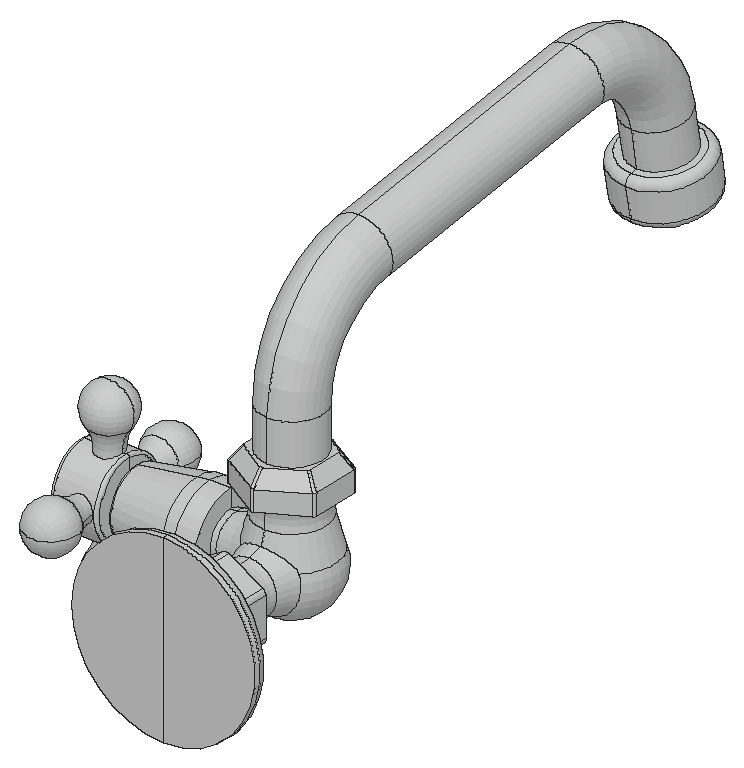
Revit family "795310001_Griferia Marruecos a Pared", category Plumbing Fixtures, host Wall, Revit 2020
Family settings
  Host = Wall
  Round Connector Dimension = Use Diameter
  Part Type = Normal
  OmniClass Number = 23.31.11.00
  OmniClass Title = Faucets
  Always vertical = Yes
  Cut with Voids When Loaded = No
  Shared = No
  Room Calculation Point = No
Parameters (values of type "Type 1")
  Uso = "Doméstico"  # constant formula
  Temperaturas mínima de trabajo = "5 ºC / 41 ºF."  # constant formula
  Temperaturas máxima de trabajo = "71 ºC / 159,8 ºF."  # constant formula
  Referencia = "795310001"  # constant formula
  Recubrimientos = "Resistente a la corrosión, pelado y decoloración por agua. Recubrimientos no tóxicos"  # constant formula
  Profundidad = 218 mm
  Presión mínima recomendada = "20 psi."  # constant formula
  Presión máxima recomendada = "125 psi."  # constant formula
  Peso Neto aprox = "520gr. / 1,15Lb."  # constant formula
  Peso Bruto aprox = "580gr. / 1,28Lb."  # constant formula
  Model = "Griferia Marruecos a Pared"  # constant formula
  Material = Corona_Plastico_Cromado
  Manufacturer = "Corona - Grival"  # constant formula
  Garantía = "30 Años"  # constant formula
  Fecha de creación = "5/11/2021"  # constant formula
  Description = "El lavaplatos sencillo de pared Marruecos ha sido diseñada para trabajar en perfecta armonía\r\ncon el espacio; inspirada en las necesidades del consumidor latinoamericano\r\ndando como resultado un producto robusto y funcional. Permite regular la temperatura\r\ndel agua con una sola manija. Incorpora un sistema de aireador que genera un chorro de\r\nagua espumoso, agradable al tacto."  # constant formula
  Default Elevation = 0 mm
  Cuidado Y Limpieza = "Los acabados superﬁciales son aquellos que le imprimen una apariencia\r\nespecial y estética a su producto y además le brindan protección. Para\r\nprolongar sus cualidades es vital que la limpieza profunda del producto se\r\nhaga únicamente con agua y jabón suave y que en el secado y el brillo se\r\nutilice un paño de algodón limpio; dicha limpieza se recomienda 2 veces a\r\nla semana y en zonas costeras a diario por la salinidad del ambiente. Por\r\nningún motivo deben usarse elementos abrasivos, ácidos o disolventes\r\npara la limpieza del producto. Los acabados pueden variar su\r\ncomportamiento en zonas costeras y/o en ambientes corrosivos"  # constant formula
  Creado por = "BIMBAU"  # constant formula
  Ciclo de vida de la unidad de cierre = "500.000 ciclos."  # constant formula
  Capacidad de flujo máximo por norma = "80 Psi: 8,3 L/min."  # constant formula
  Ancho = 87 mm
  Alto = 134 mm
Reference planes
  plane 1: y = 0
  plane 2 "Center (Left/Right)": x = 125
  plane 3 "Back": y = 50
  plane 4: x = 168.5
  plane 5: x = 81.5
  plane 6: y = 268
  plane 7: z = 134
Forms (mm)
  Extrusion 1, solid, material "Corona_Plastico_Cromado" <- "Material", detail levels coarse
    sketch origin (0, 0, 0) x (1, 0, 0) y (0, 1, 0)
      loop
        line (81.469, 268) -> (81.469, 50) -> (168.5, 50) -> (168.5, 268) -> (81.469, 268)
    from 0 to 134
Text (mm)
  text "Placement side" at (-1787.139, 592.35, 0), in view "Ref. Level"
  text "Placement side" at (0, 1827.695, 2917.686), in view "Left"
  text "Placement side" at (0, 562.268, 3853.606), in view "Right"
Dimensions and locks
  locked: plane 3 "Back" to host wall
  "Alto": level to plane 7
  equal spacing: plane 5, plane 2 "Center (Left/Right)", plane 4
  "Ancho": plane 5 to plane 4
  "Profundidad": plane 6 to plane 3 "Back"
  aligned and locked: plane 1 to host wall
  aligned and locked: plane 3 "Back" to nested 1
  aligned and locked: nested 1 to plane 2 "Center (Left/Right)"
  aligned and locked: plane 7 to nested 1
  aligned and locked: plane 2 "Center (Left/Right)" to nested 2
  aligned and locked: plane 3 "Back" to nested 2
  aligned and locked: nested 3 to plane 3 "Back"
  aligned and locked: level to nested 3
  aligned and locked: Extrusion 1 sketch curve to nested 1
  aligned and locked: Extrusion 1 sketch curve to plane 3 "Back"
  aligned and locked: plane 4 to Extrusion 1 sketch curve
  aligned and locked: plane 7 to Extrusion 1
Automatic sketch dimensions
  plane 5 to Extrusion 1 sketch curve = 0.031 mm
Nested families
  nested 1: "Griferia Marruecos a Pared" at (125, 159, 0) x (-1, 0, 0) z (0, 0, 1), type "Griferia Marruecos a Pared", detail levels medium+fine
  nested 2: "Planta" at (125, 50, 0), type "Planta"
  nested 3: "Lateral" at (125, 50, 0) x (0, -1, 0) z (1, 0, 0), type "Lateral"
  nested 4: "Frontal" at (125, 50, 0) x (-1, 0, 0) z (0, -1, 0), type "Frontal"
Connectors
  piping at (154.2, 50, 31.25), diameter 25.4
    settings: on nested 1, index 1, connector inside diameter 609.6 mm, connector length 0 mm, flow factor 0, pipe flow 0.0 L/s, pressure drop 0.0 Pa, fitting loss kfactor 0, connector angle 0.00°, fixture units 0, engagement length 0 mm, angle of deflection 0.00°, flow configuration 0, flow direction 1, fitting loss method 0, system type 7, joint type 0, gender type 0, connector reference index -1, connector utility 0, adjustable connector no, is connector primary yes, connector description ""
Definition of nested family "Griferia Marruecos a Pared"
  Parameters (values of type "Griferia Marruecos a Pared")
    Profundidad = 218 mm
    Material = none
    Fecha de creación = "5/11/2021"  # constant formula
    Default Elevation = 0 mm
    Creado por = "BIMBAU"  # constant formula
    Ancho = 87 mm
    Alto = 134 mm
  Reference planes
    plane 1 "Center (Front/Back)": y = 0
    plane 2: z = 0
    plane 3 "Center (Left/Right)": x = 0
    plane 4: x = -43.5
    plane 5: x = 43.5
    plane 6: y = -109
    plane 7: y = 109
    plane 8: z = 134
  Forms (mm)
    Revolve 1, solid, material <- "Material"
      sketch origin (-29.228, 0, 0) x (0, 1, 0) y (0, 0, 1)
        loop
          line (56.53, 53.186) -> (44.003, 53.186)
          arc (44.003, 53.186) -> (45.439, 49.553) -> (45.332, 45.647) r 9.737
          arc (45.332, 45.647) -> (43.996, 40.507) -> (42.405, 35.441) r 106.625
          arc (42.405, 35.441) -> (44.499, 22.325) -> (56.53, 16.697) r 14.179
          line (56.53, 16.697) -> (56.53, 53.186)
        axis (56.53, 53.186) -> (56.53, 16.697)
      angle from 0 to 360
    Revolve 2, solid, material <- "Material"
      sketch origin (-29.2, 0, 1.25) x (0, 1, 0) y (0, 0, 1)
        loop
          line (109, 30) -> (109, 60) -> (107.033, 60)
          arc (107.033, 60) -> (104.181, 58.819) -> (103, 55.967) r 4.033
          line (103, 55.967) -> (103, 45) -> (100.685, 45)
          arc (100.685, 45) -> (99.846, 44.653) -> (99.499, 43.814) r 1.186
          line (99.499, 43.814) -> (99.499, 42.523) -> (97.486, 42.523) -> (97.486, 30) -> (109, 30)
        axis (97.486, 30) -> (109, 30)
      angle from 0 to 360
    Extrusion 3, solid, material <- "Material"
      sketch origin (0, 0, 0) x (1, 0, 0) y (0, 0, 1)
        loop
          line (-30.2, 45.673) -> (-41.19, 39.327)
          arc (-41.19, 39.327) -> (-41.922, 38.595) -> (-42.19, 37.595) r 2
          line (-42.19, 37.595) -> (-42.19, 24.905)
          arc (-42.19, 24.905) -> (-41.922, 23.905) -> (-41.19, 23.173) r 2
          line (-41.19, 23.173) -> (-30.2, 16.827)
          arc (-30.2, 16.827) -> (-29.2, 16.559) -> (-28.2, 16.827) r 2
          line (-28.2, 16.827) -> (-17.21, 23.173)
          arc (-17.21, 23.173) -> (-16.478, 23.905) -> (-16.21, 24.905) r 2
          line (-16.21, 24.905) -> (-16.21, 37.595)
          arc (-16.21, 37.595) -> (-16.478, 38.595) -> (-17.21, 39.327) r 2
          line (-17.21, 39.327) -> (-28.2, 45.673)
          arc (-28.2, 45.673) -> (-29.2, 45.941) -> (-30.2, 45.673) r 2
      from -97.486 to -83.486
    Revolve 4, solid, material <- "Material"
      sketch origin (-29.153, 0, 0) x (0, 1, 0) y (0, 0, 1)
        loop
          arc (63.507, 19.006) -> (68.424, 21.134) -> (73.558, 22.665) r 45.165
          arc (73.558, 22.665) -> (78.857, 22.58) -> (83.486, 20) r 10.868
          line (83.486, 20) -> (83.486, 31.25) -> (66.565, 31.25)
          arc (66.565, 31.25) -> (66.268, 24.82) -> (63.507, 19.006) r 16.314
        axis (63.507, 31.25) -> (83.486, 31.25)
      angle from 0 to 360
    Blend 5, solid, material <- "Material"
      base sketch origin (0, 0, 0) x (1, 0, 0) y (0, 1, 0)
        loop
          line (-29.728, 72.81) -> (-43.077, 65.103)
          arc (-43.077, 65.103) -> (-43.443, 64.737) -> (-43.577, 64.237) r 1
          line (-43.577, 64.237) -> (-43.577, 48.823)
          arc (-43.577, 48.823) -> (-43.443, 48.323) -> (-43.077, 47.957) r 1
          line (-43.077, 47.957) -> (-29.728, 40.25)
          arc (-29.728, 40.25) -> (-29.228, 40.116) -> (-28.728, 40.25) r 1
          line (-28.728, 40.25) -> (-15.38, 47.957)
          arc (-15.38, 47.957) -> (-15.014, 48.323) -> (-14.88, 48.823) r 1
          line (-14.88, 48.823) -> (-14.88, 64.237)
          arc (-14.88, 64.237) -> (-15.014, 64.737) -> (-15.38, 65.103) r 1
          line (-15.38, 65.103) -> (-28.728, 72.81)
          arc (-28.728, 72.81) -> (-29.228, 72.944) -> (-29.728, 72.81) r 1
      top sketch origin (0, 0, 0) x (1, 0, 0) y (0, 1, 0)
        loop
          line (-29.728, 68.902) -> (-39.693, 63.149)
          arc (-39.693, 63.149) -> (-40.059, 62.783) -> (-40.193, 62.283) r 1
          line (-40.193, 62.283) -> (-40.193, 50.776)
          arc (-40.193, 50.776) -> (-40.059, 50.276) -> (-39.693, 49.91) r 1
          line (-39.693, 49.91) -> (-29.728, 44.157)
          arc (-29.728, 44.157) -> (-29.228, 44.023) -> (-28.728, 44.157) r 1
          line (-28.728, 44.157) -> (-18.763, 49.91)
          arc (-18.763, 49.91) -> (-18.397, 50.276) -> (-18.263, 50.776) r 1
          line (-18.263, 50.776) -> (-18.263, 62.283)
          arc (-18.263, 62.283) -> (-18.397, 62.783) -> (-18.763, 63.149) r 1
          line (-18.763, 63.149) -> (-28.728, 68.902)
          arc (-28.728, 68.902) -> (-29.228, 69.036) -> (-29.728, 68.902) r 1
      from 59.803 to 64.469
    Extrusion 6, solid, material <- "Material"
      sketch origin (0, 0, 0) x (1, 0, 0) y (0, 1, 0)
        loop
          line (-29.728, 72.81) -> (-43.077, 65.103)
          arc (-43.077, 65.103) -> (-43.443, 64.737) -> (-43.577, 64.237) r 1
          line (-43.577, 64.237) -> (-43.577, 48.823)
          arc (-43.577, 48.823) -> (-43.443, 48.323) -> (-43.077, 47.957) r 1
          line (-43.077, 47.957) -> (-29.728, 40.25)
          arc (-29.728, 40.25) -> (-29.228, 40.116) -> (-28.728, 40.25) r 1
          line (-28.728, 40.25) -> (-15.38, 47.957)
          arc (-15.38, 47.957) -> (-15.014, 48.323) -> (-14.88, 48.823) r 1
          line (-14.88, 48.823) -> (-14.88, 64.237)
          arc (-14.88, 64.237) -> (-15.014, 64.737) -> (-15.38, 65.103) r 1
          line (-15.38, 65.103) -> (-28.728, 72.81)
          arc (-28.728, 72.81) -> (-29.228, 72.944) -> (-29.728, 72.81) r 1
      from 53.186 to 59.803
    Sweep 7, solid, material <- "Material"
      path origin (0, 0, 0) x (0, 1, 0) y (0, 0, 1)
        loop
          line (56.53, 64.469) -> (56.53, 77.848)
          arc (56.53, 77.848) -> (48.312, 99.826) -> (27.692, 111.022) r 33.5
          line (27.692, 111.022) -> (-58.693, 123.163)
          arc (-58.693, 123.163) -> (-80.502, 117.725) -> (-92.413, 98.664) r 30
          line (-92.413, 98.664) -> (-94.608, 86.214)
      profile origin (0, 56.53, 71.159) x (0, -1, 0) y (1, 0, 0)
        loop
          circle (0, -29.228) r 10
    Revolve 8, solid, material <- "Material"
      sketch origin (-29.228, 0, 0) x (0, 1, 0) y (0, 0, 1)
        loop
          line (-94.608, 86.214) -> (-106.776, 88.36)
          arc (-106.776, 88.36) -> (-108.752, 87.922) -> (-109.839, 86.215) r 2.644
          line (-109.839, 86.215) -> (-111.626, 76.079)
          arc (-111.626, 76.079) -> (-111.284, 74.537) -> (-109.952, 73.689) r 2.064
          line (-109.952, 73.689) -> (-107.061, 73.179) -> (-105.124, 84.163) -> (-95.276, 82.427) -> (-94.608, 86.214)
        axis (-94.608, 86.214) -> (-97.212, 71.442)
      angle from 0 to 360
    Revolve 9, solid, material <- "Material"
      sketch origin (0, 55.955, 0) x (1, 0, 0) y (0, 0, 1)
        loop
          line (-8.909, 30.437) -> (43.5, 30.437)
          arc (43.5, 30.437) -> (42.585, 36.921) -> (39.91, 42.898) r 23.42
          arc (39.91, 42.898) -> (39.491, 43.294) -> (38.933, 43.438) r 1.154
          line (38.933, 43.438) -> (25.536, 43.438)
          arc (25.536, 43.438) -> (24.846, 43.152) -> (24.56, 42.462) r 0.976
          line (24.56, 42.462) -> (24.56, 35.001) -> (22.213, 35.001) -> (22.213, 40.678)
          arc (22.213, 40.678) -> (21.978, 41.323) -> (21.383, 41.667) r 1.004
          line (21.383, 41.667) -> (1.981, 45.088)
          arc (1.981, 45.088) -> (-0.008, 45.35) -> (-2.011, 45.437) r 22.988
          line (-2.011, 45.437) -> (-8.909, 45.437) -> (-8.909, 30.437)
        axis (43.5, 30.437) -> (-8.909, 30.437)
      angle from 0 to 360
    Revolve 10, solid, material <- "Material"
      sketch origin (-84.736, 56.489, 0.004) x (1, 0, 0) y (0, 0, 1)
        loop
          arc (63.507, 19.006) -> (68.424, 21.134) -> (73.558, 22.665) r 45.165
          arc (73.558, 22.665) -> (74.685, 22.867) -> (75.827, 22.95) r 10.868
          line (75.827, 22.95) -> (75.827, 31.25) -> (66.565, 31.25)
          arc (66.565, 31.25) -> (66.268, 24.82) -> (63.507, 19.006) r 16.314
        axis (63.507, 31.25) -> (75.827, 31.25)
      angle from 0 to 360
    Revolve 11, solid, material <- "Material"
      sketch origin (0, 56.287, 0) x (1, 0, 0) y (0, 0, 1)
        loop
          line (30.594, 42.549) -> (34.9, 42.549)
          arc (34.9, 42.549) -> (35.249, 46.877) -> (37.111, 50.8) r 12.029
          arc (37.111, 50.8) -> (37.747, 59.161) -> (30.594, 63.536) r 8.035
          line (30.594, 63.536) -> (30.594, 42.549)
        axis (30.594, 63.536) -> (30.594, 42.549)
      angle from 0 to 360
    Revolve 12, solid, material <- "Material"
      sketch origin (0, 87.205, 31.582) x (0, -1, 0) y (1, 0, 0)
        loop
          line (42.549, 30.594) -> (63.536, 30.594)
          arc (63.536, 30.594) -> (59.161, 37.747) -> (50.8, 37.111) r 8.035
          arc (50.8, 37.111) -> (46.877, 35.249) -> (42.549, 34.9) r 12.029
          line (42.549, 34.9) -> (42.549, 30.594)
        axis (63.536, 30.594) -> (42.549, 30.594)
      angle from 0 to 360
    Revolve 13, solid, material <- "Material"
      sketch origin (0, 24.705, 30.918) x (1, 0, 0) y (0, 1, 0)
        loop
          line (30.594, 42.549) -> (34.9, 42.549)
          arc (34.9, 42.549) -> (35.249, 46.877) -> (37.111, 50.8) r 12.029
          arc (37.111, 50.8) -> (37.747, 59.161) -> (30.594, 63.536) r 8.035
          line (30.594, 63.536) -> (30.594, 42.549)
        axis (30.594, 63.536) -> (30.594, 42.549)
      angle from 0 to 360
    Revolve 14, solid, material <- "Material"
      sketch origin (0, 55.622, 62.5) x (1, 0, 0) y (0, 0, -1)
        loop
          line (30.594, 42.549) -> (34.9, 42.549)
          arc (34.9, 42.549) -> (35.249, 46.877) -> (37.111, 50.8) r 12.029
          arc (37.111, 50.8) -> (37.747, 59.161) -> (30.594, 63.536) r 8.035
          line (30.594, 63.536) -> (30.594, 42.549)
        axis (30.594, 63.536) -> (30.594, 42.549)
      angle from 0 to 360
  Cuts and joins
    joined: Revolve 2, Extrusion 3, Revolve 4
    joined: Blend 5, Sweep 7
    joined: Revolve 9, Revolve 10, Revolve 11
  Dimensions and locks
    equal spacing: plane 7, plane 1 "Center (Front/Back)", plane 6
    "Profundidad": plane 7 to plane 6
    equal spacing: plane 4, plane 3 "Center (Left/Right)", plane 5
    "Ancho": plane 4 to plane 5
    "Alto": plane 8 to level
    aligned and locked: level to plane 2
    aligned and locked: Extrusion 3 to Revolve 2
    aligned and locked: Extrusion 3 to Revolve 4
  Automatic sketch dimensions
    plane 6 to Revolve 1 sketch curve = 50.501 mm
    Revolve 1 sketch curve to plane 1 "Center (Front/Back)" = 35.85 mm
    Revolve 1 sketch curve to Revolve 1 sketch curve = 8.153 mm
    Revolve 1 sketch curve to Revolve 1 sketch curve = 11.821 mm
    Revolve 1 sketch curve to Revolve 1 sketch curve = 0.706 mm
    level to Revolve 1 sketch curve = 16.697 mm
    Revolve 1 sketch curve to Revolve 1 sketch curve = 14.162 mm
    Revolve 1 sketch curve to Revolve 1 sketch curve = 17.004 mm
    Revolve 1 sketch curve to Revolve 1 sketch curve = 5.324 mm
    level to Revolve 1 sketch curve = 69.897 mm
    Revolve 1 sketch curve to Revolve 1 sketch curve = 0 mm  (x3)
    Revolve 1 sketch curve to Revolve 1 sketch curve = 7.785 mm
    Revolve 2 sketch curve to plane 7 = 0 mm  (x2)
    Revolve 2 sketch curve to Revolve 2 sketch curve = 1.967 mm
    Revolve 2 sketch curve to plane 7 = 6 mm
    Revolve 2 sketch curve to Revolve 2 sketch curve = 2.315 mm
    Revolve 2 sketch curve to Revolve 2 sketch curve = 1.186 mm
    Revolve 2 sketch curve to Revolve 2 sketch curve = 11.514 mm
    level to Revolve 2 sketch curve = 31.25 mm
    Revolve 2 sketch curve to Revolve 2 sketch curve = 12.523 mm
    Revolve 2 sketch curve to Revolve 2 sketch curve = 1.291 mm
    Revolve 2 sketch curve to Revolve 2 sketch curve = 10.967 mm
    plane 7 to Revolve 2 sketch curve = 8.807 mm
    Revolve 2 sketch curve to Revolve 2 sketch curve = 0 mm
    plane 4 to Extrusion 3 sketch curve = 1.31 mm
    Extrusion 3 sketch curve to Extrusion 3 sketch curve = 1 mm  (x10)
    Extrusion 3 sketch curve to Extrusion 3 sketch curve = 10.99 mm  (x4)
    Extrusion 3 sketch curve to Extrusion 3 sketch curve = 2 mm
    level to Extrusion 3 sketch curve = 16.827 mm
    Extrusion 3 sketch curve to Extrusion 3 sketch curve = 1.732 mm  (x2)
    Extrusion 3 sketch curve to Extrusion 3 sketch curve = 6.345 mm  (x3)
    Extrusion 3 sketch curve to Extrusion 3 sketch curve = 12.691 mm  (x2)
    Revolve 4 sketch curve to plane 1 "Center (Front/Back)" = 50.44 mm
    Revolve 4 sketch curve to Revolve 4 sketch curve = 16.125 mm
    Revolve 4 sketch curve to Revolve 4 sketch curve = 9.475 mm
    Revolve 4 sketch curve to Revolve 4 sketch curve = 7.446 mm
    Revolve 4 sketch curve to plane 7 = 25.129 mm
    Revolve 4 sketch curve to level = 21.307 mm
    level to Revolve 4 sketch curve = 12.083 mm
    Revolve 4 sketch curve to Revolve 4 sketch curve = 7.917 mm
    Revolve 4 sketch curve to Revolve 4 sketch curve = 6.109 mm
    Revolve 4 sketch curve to Revolve 4 sketch curve = 11.25 mm
    Revolve 4 sketch curve to Revolve 4 sketch curve = 10.051 mm
    Revolve 4 sketch curve to Revolve 4 sketch curve = 0 mm  (x2)
    Revolve 4 sketch curve to Revolve 4 sketch curve = 4.36 mm
    Blend 5 sketch curve to plane 4 = 0.077 mm
    plane 4 to Blend 5 sketch curve = 0.423 mm  (x2)
    plane 4 to Blend 5 sketch curve = 0.923 mm  (x2)
    plane 4 to Blend 5 sketch curve = 13.772 mm  (x2)
    Blend 5 sketch curve to Blend 5 sketch curve = 0.5 mm  (x13)
    Blend 5 sketch curve to Blend 5 sketch curve = 1 mm  (x5)
    Blend 5 sketch curve to Blend 5 sketch curve = 13.349 mm
    Blend 5 sketch curve to Blend 5 sketch curve = 0 mm  (x2)
    Blend 5 sketch curve to plane 1 "Center (Front/Back)" = 40.25 mm
    Blend 5 sketch curve to Blend 5 sketch curve = 0.866 mm  (x4)
    Blend 5 sketch curve to Blend 5 sketch curve = 7.707 mm  (x3)
    Blend 5 sketch curve to Blend 5 sketch curve = 15.414 mm  (x2)
    plane 4 to Blend 5 sketch curve = 3.307 mm
    Blend 5 sketch curve to Blend 5 sketch curve = 9.965 mm  (x3)
    Blend 5 sketch curve to plane 1 "Center (Front/Back)" = 44.157 mm
    Blend 5 sketch curve to Blend 5 sketch curve = 5.753 mm  (x3)
    Blend 5 sketch curve to Blend 5 sketch curve = 11.507 mm  (x2)
    Extrusion 6 sketch curve to plane 4 = 0.077 mm
    plane 4 to Extrusion 6 sketch curve = 0.423 mm  (x2)
    plane 4 to Extrusion 6 sketch curve = 0.923 mm  (x2)
    plane 4 to Extrusion 6 sketch curve = 13.772 mm  (x2)
    Extrusion 6 sketch curve to Extrusion 6 sketch curve = 0.5 mm  (x4)
    Extrusion 6 sketch curve to Extrusion 6 sketch curve = 1 mm  (x3)
    Extrusion 6 sketch curve to Extrusion 6 sketch curve = 13.349 mm
    Extrusion 6 sketch curve to Extrusion 6 sketch curve = 0 mm
    Extrusion 6 sketch curve to plane 1 "Center (Front/Back)" = 40.25 mm
    Extrusion 6 sketch curve to Extrusion 6 sketch curve = 0.866 mm  (x2)
    Extrusion 6 sketch curve to Extrusion 6 sketch curve = 7.707 mm  (x3)
    Extrusion 6 sketch curve to Extrusion 6 sketch curve = 15.414 mm  (x2)
    plane 6 to Sweep 7 sketch curve = 16.587 mm
    Sweep 7 sketch curve to Sweep 7 sketch curve = 29.544 mm
    Sweep 7 sketch curve to plane 8 = 10.837 mm
    Sweep 7 sketch curve to Sweep 7 sketch curve = 4.175 mm
    Sweep 7 sketch curve to plane 1 "Center (Front/Back)" = 23.03 mm
    Sweep 7 sketch curve to plane 1 "Center (Front/Back)" = 27.692 mm
    Sweep 7 sketch curve to Sweep 7 sketch curve = 33.5 mm
    Sweep 7 sketch curve to plane 8 = 22.978 mm
    Sweep 7 sketch curve to plane 8 = 35.336 mm
    Sweep 7 sketch curve to Sweep 7 sketch curve = 2.195 mm
    Sweep 7 sketch curve to Sweep 7 sketch curve = 12.45 mm
    Sweep 7 sketch curve to Sweep 7 sketch curve = 13.379 mm
    Sweep 7 sketch curve to profile plane = 0 mm
    Sweep 7 sketch curve to plane 3 "Center (Left/Right)" = 29.228 mm
    Revolve 8 sketch curve to plane 6 = 2.626 mm
    Revolve 8 sketch curve to plane 6 = 0.952 mm
    Revolve 8 sketch curve to plane 6 = 0.839 mm
    Revolve 8 sketch curve to plane 6 = 0.594 mm
    plane 6 to Revolve 8 sketch curve = 1.765 mm
    plane 6 to Revolve 8 sketch curve = 1.939 mm
    plane 6 to Revolve 8 sketch curve = 2.224 mm
    Revolve 8 sketch curve to Revolve 8 sketch curve = 2.111 mm
    Revolve 8 sketch curve to Revolve 8 sketch curve = 9.848 mm
    Revolve 8 sketch curve to Revolve 8 sketch curve = 0.668 mm
    Revolve 8 sketch curve to plane 8 = 60.821 mm
    Revolve 8 sketch curve to Revolve 8 sketch curve = 0.51 mm
    Revolve 8 sketch curve to Revolve 8 sketch curve = 2.032 mm
    Revolve 8 sketch curve to Revolve 8 sketch curve = 1.593 mm
    Revolve 8 sketch curve to Revolve 8 sketch curve = 9.372 mm
    Revolve 8 sketch curve to Revolve 8 sketch curve = 0.476 mm
    Revolve 8 sketch curve to Revolve 8 sketch curve = 1.736 mm
    Revolve 8 sketch curve to Revolve 8 sketch curve = 2.701 mm
    Revolve 9 sketch curve to plane 5 = 0 mm
    Revolve 9 sketch curve to plane 5 = 4.567 mm
    Revolve 9 sketch curve to Revolve 9 sketch curve = 13.397 mm
    Revolve 9 sketch curve to Revolve 9 sketch curve = 0.976 mm
    Revolve 9 sketch curve to Revolve 9 sketch curve = 2.348 mm
    Revolve 9 sketch curve to Revolve 9 sketch curve = 0.83 mm
    Revolve 9 sketch curve to Revolve 9 sketch curve = 0.174 mm
    Revolve 9 sketch curve to Revolve 9 sketch curve = 2.133 mm
    plane 3 "Center (Left/Right)" to Revolve 9 sketch curve = 1.981 mm
    Revolve 9 sketch curve to plane 3 "Center (Left/Right)" = 2.011 mm
    Revolve 9 sketch curve to plane 3 "Center (Left/Right)" = 8.909 mm
    level to Revolve 9 sketch curve = 22.449 mm
    Revolve 9 sketch curve to Revolve 9 sketch curve = 7.988 mm
    Revolve 9 sketch curve to Revolve 9 sketch curve = 4.564 mm
    Revolve 9 sketch curve to Revolve 9 sketch curve = 5.677 mm
    Revolve 9 sketch curve to Revolve 9 sketch curve = 11.847 mm
    Revolve 9 sketch curve to Revolve 9 sketch curve = 1.784 mm
    Revolve 9 sketch curve to Revolve 9 sketch curve = 14.651 mm
    Revolve 9 sketch curve to Revolve 9 sketch curve = 0 mm  (x2)
    Revolve 9 sketch curve to Revolve 9 sketch curve = 5.313 mm
    plane 4 to Revolve 10 sketch curve = 9.204 mm
    Revolve 10 sketch curve to Revolve 10 sketch curve = 16.125 mm
    Revolve 10 sketch curve to plane 3 "Center (Left/Right)" = 8.909 mm
    Revolve 10 sketch curve to plane 3 "Center (Left/Right)" = 8.696 mm
    Revolve 10 sketch curve to plane 3 "Center (Left/Right)" = 0.865 mm
    Revolve 10 sketch curve to level = 21.303 mm
    level to Revolve 10 sketch curve = 12.088 mm
    Revolve 10 sketch curve to Revolve 10 sketch curve = 10.866 mm
    Revolve 10 sketch curve to Revolve 10 sketch curve = 6.109 mm
    Revolve 10 sketch curve to Revolve 10 sketch curve = 8.3 mm
    Revolve 10 sketch curve to Revolve 10 sketch curve = 10.051 mm
    Revolve 10 sketch curve to plane 3 "Center (Left/Right)" = 1.25 mm
    plane 3 "Center (Left/Right)" to Revolve 10 sketch curve = 3.11 mm
    Revolve 10 sketch curve to Revolve 10 sketch curve = 0 mm
    Revolve 11 sketch curve to Revolve 11 sketch curve = 4.306 mm
    Revolve 11 sketch curve to Revolve 11 sketch curve = 1.215 mm
    Revolve 11 sketch curve to Revolve 11 sketch curve = 12.952 mm
    Revolve 11 sketch curve to Revolve 11 sketch curve = 8.035 mm
    Revolve 11 sketch curve to Revolve 11 sketch curve = 0 mm  (x2)
    Revolve 11 sketch curve to Revolve 11 sketch curve = 1.315 mm
    Revolve 11 sketch curve to Revolve 11 sketch curve = 11.967 mm
    Revolve 12 sketch curve to Revolve 12 sketch curve = 4.306 mm
    Revolve 12 sketch curve to Revolve 12 sketch curve = 1.215 mm
    Revolve 12 sketch curve to Revolve 12 sketch curve = 12.952 mm
    Revolve 12 sketch curve to Revolve 12 sketch curve = 8.035 mm
    Revolve 12 sketch curve to Revolve 12 sketch curve = 0 mm  (x2)
    Revolve 12 sketch curve to Revolve 12 sketch curve = 1.315 mm
    Revolve 12 sketch curve to Revolve 12 sketch curve = 11.967 mm
    Revolve 13 sketch curve to Revolve 13 sketch curve = 4.306 mm
    Revolve 13 sketch curve to Revolve 13 sketch curve = 1.215 mm
    Revolve 13 sketch curve to Revolve 13 sketch curve = 12.952 mm
    Revolve 13 sketch curve to Revolve 13 sketch curve = 8.035 mm
    Revolve 13 sketch curve to Revolve 13 sketch curve = 0 mm  (x2)
    Revolve 13 sketch curve to Revolve 13 sketch curve = 1.315 mm
    Revolve 13 sketch curve to Revolve 13 sketch curve = 11.967 mm
    Revolve 14 sketch curve to Revolve 14 sketch curve = 4.306 mm
    Revolve 14 sketch curve to Revolve 14 sketch curve = 1.215 mm
    Revolve 14 sketch curve to Revolve 14 sketch curve = 12.952 mm
    Revolve 14 sketch curve to Revolve 14 sketch curve = 8.035 mm
    Revolve 14 sketch curve to Revolve 14 sketch curve = 0 mm  (x2)
    Revolve 14 sketch curve to Revolve 14 sketch curve = 1.315 mm
    Revolve 14 sketch curve to Revolve 14 sketch curve = 11.967 mm
    Revolve 11 sketch curve to plane 5 = 12.906 mm
    level to Revolve 11 sketch curve = 42.549 mm
    Revolve 12 sketch curve to plane 5 = 12.906 mm
    Revolve 12 sketch curve to plane 1 "Center (Front/Back)" = 44.656 mm
    Revolve 13 sketch curve to plane 5 = 12.906 mm
    Revolve 13 sketch curve to plane 7 = 41.747 mm
    Revolve 14 sketch curve to plane 5 = 12.906 mm
    level to Revolve 14 sketch curve = 19.951 mm
    radius of Sweep 7 sketch curve = 10 mm
Definition of nested family "Planta"
  Reference planes
    plane 1 "Center (Front/Back)": y = 0
    plane 2: z = 0
    plane 3 "Center (Left/Right)": x = 0
  Lines and regions (mm)
    Masking region 1, in view "Ref. Level"
      outline origin (0, 0, 0) x (1, 0, 0) y (0, 1, 0)
        loop
          line (-0.8, 0) -> (59.2, 0) -> (59.2, 2.019)
          arc (59.2, 2.019) -> (58.034, 4.834) -> (55.219, 6) r 3.981
          line (55.219, 6) -> (44.225, 6) -> (44.225, 8.292)
          arc (44.225, 8.292) -> (43.871, 9.147) -> (43.016, 9.501) r 1.209
          line (43.016, 9.501) -> (41.439, 9.501) -> (41.439, 11.514) -> (42.239, 11.514) -> (42.239, 25.514) -> (40.595, 25.514)
          arc (40.595, 25.514) -> (38.181, 29.622) -> (37.719, 34.365) r 11.06
          arc (37.719, 34.365) -> (38.57, 38.385) -> (40.117, 42.193) r 23.228
          line (40.117, 42.193) -> (43.069, 43.897)
          arc (43.069, 43.897) -> (43.435, 44.263) -> (43.569, 44.763) r 1
          line (43.569, 44.763) -> (43.569, 60.177)
          arc (43.569, 60.177) -> (43.435, 60.677) -> (43.069, 61.043) r 1
          line (43.069, 61.043) -> (39.221, 63.265) -> (39.221, 192.569)
          arc (39.221, 192.569) -> (44.293, 210.326) -> (29.224, 221.001) r 15.973
          arc (29.224, 221.001) -> (14.155, 210.326) -> (19.227, 192.569) r 15.973
          line (19.227, 192.569) -> (19.227, 64.253)
          arc (19.227, 64.253) -> (14.503, 61.035) -> (8.909, 59.857) r 14.736
          line (8.909, 59.857) -> (8.909, 66.976) -> (0, 66.976) -> (-21.399, 63.203)
          arc (-21.399, 63.203) -> (-21.982, 62.866) -> (-22.213, 62.234) r 0.984
          line (-22.213, 62.234) -> (-22.213, 56.54) -> (-23.753, 56.54)
          arc (-23.753, 56.54) -> (-24.161, 57.141) -> (-24.622, 57.703) r 8
          line (-24.622, 57.703) -> (-24.622, 65.023) -> (-26.294, 65.023)
          arc (-26.294, 65.023) -> (-25.864, 68.289) -> (-24.292, 71.184) r 9.033
          arc (-24.292, 71.184) -> (-30.521, 84.248) -> (-36.751, 71.184) r 8.017
          arc (-36.751, 71.184) -> (-35.178, 68.289) -> (-34.749, 65.023) r 9.033
          line (-34.749, 65.023) -> (-38.653, 65.023)
          arc (-38.653, 65.023) -> (-39.526, 64.798) -> (-40.182, 64.179) r 1.808
          arc (-40.182, 64.179) -> (-42.679, 58.584) -> (-43.5, 52.511) r 21.534
          arc (-43.5, 52.511) -> (-42.679, 46.438) -> (-40.182, 40.842) r 21.534
          arc (-40.182, 40.842) -> (-39.526, 40.224) -> (-38.653, 39.999) r 1.808
          line (-38.653, 39.999) -> (-34.749, 39.999)
          arc (-34.749, 39.999) -> (-35.178, 36.732) -> (-36.751, 33.837) r 9.033
          arc (-36.751, 33.837) -> (-30.521, 20.773) -> (-24.292, 33.837) r 8.017
          arc (-24.292, 33.837) -> (-25.864, 36.732) -> (-26.294, 39.999) r 9.033
          line (-26.294, 39.999) -> (-24.622, 39.999) -> (-24.622, 47.319)
          arc (-24.622, 47.319) -> (-24.161, 47.88) -> (-23.753, 48.481) r 8
          line (-23.753, 48.481) -> (-22.213, 48.481) -> (-22.213, 42.788)
          arc (-22.213, 42.788) -> (-21.982, 42.155) -> (-21.399, 41.819) r 0.984
          line (-21.399, 41.819) -> (0, 38.045) -> (8.909, 38.045) -> (8.909, 45.165)
          arc (8.909, 45.165) -> (14.247, 44.093) -> (18.832, 41.156) r 14.736
          arc (18.832, 41.156) -> (20.04, 37.833) -> (20.729, 34.365) r 23.228
          arc (20.729, 34.365) -> (20.268, 29.622) -> (17.854, 25.514) r 11.06
          line (17.854, 25.514) -> (16.21, 25.514) -> (16.21, 11.514) -> (17.01, 11.514) -> (17.01, 9.501) -> (15.432, 9.501)
          arc (15.432, 9.501) -> (14.577, 9.147) -> (14.223, 8.292) r 1.209
          line (14.223, 8.292) -> (14.223, 6) -> (3.222, 6)
          arc (3.222, 6) -> (0.378, 4.822) -> (-0.8, 1.978) r 4.022
          line (-0.8, 1.978) -> (-0.8, 0)
    detail lines, in view "Ref. Level"
      curve 1: line (-0.8, 0, 0) -> (59.2, 0, 0)
      curve 2: line (59.2, 0, 0) -> (59.2, 2.019, 0)
      curve 3: line (55.219, 6, 0) -> (3.222, 6, 0)
      curve 4: line (-0.8, 0, 0) -> (-0.8, 1.978, 0)
      curve 5: arc (3.222, 6, 0) -> (0.378, 4.822, 0) -> (-0.8, 1.978, 0) r 4.022
      curve 6: arc (59.2, 2.019, 0) -> (58.034, 4.834, 0) -> (55.219, 6, 0) r 3.981
      curve 7: arc (19.227, 192.569, 0) -> (14.155, 210.326, 0) -> (29.224, 221.001, 0) r 15.973
      curve 8: arc (29.224, 42.474, 0) -> (22.155, 45.402, 0) -> (19.227, 52.47, 0) r 9.997
      curve 9: line (19.227, 52.47, 0) -> (19.227, 203.608, 0)
      curve 10: spline (19.227, 203.608, 0) -> (19.313, 204.893, 0) -> (19.568, 206.157, 0) -> (19.988, 207.376, 0) -> (20.567, 208.532, 0) -> (21.293, 209.603, 0) -> (22.155, 210.571, 0) -> (23.139, 211.421, 0) -> (24.226, 212.136, 0) -> (25.399, 212.706, 0) -> (26.637, 213.12, 0) -> (27.919, 213.372, 0) -> (29.224, 213.456, 0)
      curve 11: line (19.227, 63.265, 0) -> (15.379, 61.043, 0)
      curve 12: arc (15.379, 61.043, 0) -> (15.014, 60.677, 0) -> (14.88, 60.177, 0) r 1
      curve 13: line (14.88, 60.177, 0) -> (14.88, 44.763, 0)
      curve 14: arc (14.88, 44.763, 0) -> (15.014, 44.263, 0) -> (15.38, 43.897, 0) r 1
      curve 15: line (15.38, 43.897, 0) -> (28.728, 36.19, 0)
      curve 16: arc (28.728, 36.19, 0) -> (29.228, 36.056, 0) -> (29.728, 36.19, 0) r 1
      curve 17: line (29.728, 36.19, 0) -> (43.077, 43.897, 0)
      curve 18: arc (43.077, 43.897, 0) -> (43.443, 44.263, 0) -> (43.577, 44.763, 0) r 1
      curve 19: line (43.577, 44.763, 0) -> (43.577, 60.177, 0)
      curve 20: arc (43.577, 60.177, 0) -> (43.443, 60.677, 0) -> (43.077, 61.043, 0) r 1
      curve 21: line (43.077, 61.043, 0) -> (39.221, 63.27, 0)
      curve 22: arc (39.693, 45.851, 0) -> (40.059, 46.217, 0) -> (40.193, 46.717, 0) r 1
      curve 23: line (40.193, 46.717, 0) -> (40.193, 58.224, 0)
      curve 24: arc (40.193, 58.224, 0) -> (40.059, 58.724, 0) -> (39.693, 59.09, 0) r 1
      curve 25: arc (18.763, 59.09, 0) -> (18.397, 58.724, 0) -> (18.263, 58.224, 0) r 1
      curve 26: line (18.263, 58.224, 0) -> (18.263, 46.717, 0)
      curve 27: arc (18.263, 46.717, 0) -> (18.397, 46.217, 0) -> (18.763, 45.851, 0) r 1
      curve 28: line (18.763, 45.851, 0) -> (28.728, 40.098, 0)
      curve 29: arc (28.728, 40.098, 0) -> (29.228, 39.964, 0) -> (29.728, 40.098, 0) r 1
      curve 30: line (29.728, 40.098, 0) -> (39.693, 45.851, 0)
      curve 31: line (42.19, 25.514, 0) -> (16.21, 25.514, 0)
      curve 32: line (16.21, 11.514, 0) -> (42.19, 11.514, 0)
      curve 33: line (29.224, 9.501, 0) -> (15.432, 9.501, 0)
      curve 34: line (16.21, 25.514, 0) -> (16.21, 11.514, 0)
      curve 35: line (14.223, 6, 0) -> (14.223, 8.292, 0)
      curve 36: arc (14.223, 8.292, 0) -> (14.577, 9.147, 0) -> (15.432, 9.501, 0) r 1.209
      curve 37: arc (20.729, 34.365, 0) -> (20.268, 29.622, 0) -> (17.854, 25.514, 0) r 11.06
      curve 38: line (8.909, 59.857, 0) -> (8.909, 38.045, 0)
      curve 39: line (8.909, 38.045, 0) -> (0, 38.045, 0)
      curve 40: line (0, 38.045, 0) -> (-21.399, 41.819, 0)
      curve 41: line (-22.213, 48.481, 0) -> (-22.213, 42.788, 0)
      curve 42: line (-22.213, 48.481, 0) -> (-23.753, 48.481, 0)
      curve 43: circle (-30.571, 52.667, 0) r 8 normal (0, 0, 1)
      curve 44: line (-24.622, 47.319, 0) -> (-24.622, 40.98, 0)
      curve 45: line (-25.602, 39.999, 0) -> (-38.653, 39.999, 0)
      curve 46: arc (-43.5, 52.511, 0) -> (-42.679, 46.438, 0) -> (-40.182, 40.842, 0) r 21.534
      curve 47: arc (-36.751, 33.837, 0) -> (-30.521, 20.773, 0) -> (-24.292, 33.837, 0) r 8.017
      curve 48: arc (-24.292, 33.837, 0) -> (-25.864, 36.732, 0) -> (-26.294, 39.999, 0) r 9.033
      curve 49: arc (-36.751, 33.837, 0) -> (-35.178, 36.732, 0) -> (-34.749, 39.999, 0) r 9.033
      curve 50: arc (-38.653, 39.999, 0) -> (-39.526, 40.224, 0) -> (-40.182, 40.842, 0) r 1.808
      curve 51: arc (-21.399, 41.819, 0) -> (-21.982, 42.155, 0) -> (-22.213, 42.788, 0) r 0.984
      curve 52: arc (29.224, 42.474, 0) -> (36.293, 45.402, 0) -> (39.221, 52.47, 0) r 9.997
      curve 53: line (39.221, 52.47, 0) -> (39.221, 203.608, 0)
      curve 54: spline (39.221, 203.608, 0) -> (39.135, 204.893, 0) -> (38.88, 206.157, 0) -> (38.46, 207.376, 0) -> (37.881, 208.532, 0) -> (37.155, 209.603, 0) -> (36.293, 210.571, 0) -> (35.31, 211.421, 0) -> (34.222, 212.136, 0) -> (33.05, 212.706, 0) -> (31.811, 213.12, 0) -> (30.529, 213.372, 0) -> (29.224, 213.456, 0)
      curve 55: line (29.224, 9.501, 0) -> (43.016, 9.501, 0)
      curve 56: line (-22.213, 48.481, 0) -> (-22.213, 56.54, 0)
      curve 57: line (-34.749, 65.023, 0) -> (-26.294, 65.023, 0)
Definition of nested family "Lateral"
  Reference planes
    plane 1 "Center (Front/Back)": y = 0
    plane 2: z = 0
    plane 3 "Center (Left/Right)": x = 0
  Lines and regions (mm)
    Masking region 1, in view "Ref. Level"
      outline origin (0, 0, 0) x (1, 0, 0) y (0, 1, 0)
        loop
          line (-36.056, 54.546) -> (-36.056, 61.163) -> (-39.964, 65.829) -> (-42.47, 65.829) -> (-42.47, 79.379)
          arc (-42.47, 79.379) -> (-53.088, 107.776) -> (-79.731, 122.242) r 43.284
          line (-79.731, 122.242) -> (-166.304, 134.409)
          arc (-166.304, 134.409) -> (-195.383, 127.159) -> (-211.263, 101.744) r 40
          line (-211.263, 101.744) -> (-213.456, 89.311) -> (-215.859, 89.735)
          arc (-215.859, 89.735) -> (-217.757, 89.314) -> (-218.802, 87.674) r 2.54
          line (-218.802, 87.674) -> (-220.637, 77.268)
          arc (-220.637, 77.268) -> (-220.323, 75.853) -> (-219.101, 75.075) r 1.893
          line (-219.101, 75.075) -> (-193.324, 70.53)
          arc (-193.324, 70.53) -> (-191.909, 70.843) -> (-191.131, 72.065) r 1.893
          line (-191.131, 72.065) -> (-189.296, 82.471)
          arc (-189.296, 82.471) -> (-189.717, 84.369) -> (-191.357, 85.414) r 2.54
          line (-191.357, 85.414) -> (-193.76, 85.838) -> (-191.567, 98.272)
          arc (-191.567, 98.272) -> (-183.627, 110.979) -> (-169.088, 114.604) r 20
          line (-169.088, 114.604) -> (-82.514, 102.437)
          arc (-82.514, 102.437) -> (-68.182, 94.655) -> (-62.47, 79.379) r 23.284
          line (-62.47, 79.379) -> (-62.47, 65.829) -> (-64.977, 65.829) -> (-68.884, 61.163) -> (-68.884, 54.546) -> (-64.997, 54.546)
          arc (-64.997, 54.546) -> (-63.65, 51.9) -> (-63.416, 48.941) r 7.617
          arc (-63.416, 48.941) -> (-64.296, 44.234) -> (-65.802, 39.688) r 35.475
          arc (-65.802, 39.688) -> (-66.507, 38.413) -> (-67.086, 37.076) r 15
          arc (-67.086, 37.076) -> (-69.217, 37.632) -> (-71.206, 38.577) r 11.69
          arc (-71.206, 38.577) -> (-84.987, 32.829) -> (-71.293, 26.876) r 8.115
          arc (-71.293, 26.876) -> (-69.522, 27.74) -> (-67.63, 28.293) r 11.69
          arc (-67.63, 28.293) -> (-64.084, 21.641) -> (-57.751, 17.554) r 15
          arc (-57.751, 17.554) -> (-58.292, 15.584) -> (-59.168, 13.739) r 11.69
          arc (-59.168, 13.739) -> (-53.317, 0) -> (-47.466, 13.739) r 8.115
          arc (-47.466, 13.739) -> (-48.341, 15.498) -> (-48.908, 17.379) r 11.69
          arc (-48.908, 17.379) -> (-44.907, 19.197) -> (-41.605, 22.096) r 15
          arc (-41.605, 22.096) -> (-38.155, 23.347) -> (-34.596, 24.239) r 35.862
          arc (-34.596, 24.239) -> (-29.672, 23.943) -> (-25.514, 21.288) r 9.807
          line (-25.514, 21.288) -> (-25.514, 17.919) -> (-11.514, 17.919) -> (-11.514, 20.098) -> (-9.501, 20.098) -> (-9.501, 18.78)
          arc (-9.501, 18.78) -> (-9.162, 17.961) -> (-8.343, 17.621) r 1.158
          line (-8.343, 17.621) -> (-6, 17.621) -> (-6, 6.892)
          arc (-6, 6.892) -> (-4.746, 3.864) -> (-1.718, 2.61) r 4.282
          line (-1.718, 2.61) -> (0, 2.61) -> (0, 62.61) -> (-1.974, 62.61)
          arc (-1.974, 62.61) -> (-4.821, 61.431) -> (-6, 58.584) r 4.026
          line (-6, 58.584) -> (-6, 47.598) -> (-8.343, 47.598)
          arc (-8.343, 47.598) -> (-9.162, 47.259) -> (-9.501, 46.44) r 1.158
          line (-9.501, 46.44) -> (-9.501, 45.121) -> (-11.514, 45.121) -> (-11.514, 47.3) -> (-25.514, 47.3) -> (-25.514, 43.932)
          arc (-25.514, 43.932) -> (-29.672, 41.276) -> (-34.596, 40.981) r 9.807
          arc (-34.596, 40.981) -> (-37.413, 41.655) -> (-40.167, 42.554) r 35.862
          arc (-40.167, 42.554) -> (-40.993, 45.716) -> (-41.525, 48.941) r 35.475
          arc (-41.525, 48.941) -> (-41.291, 51.9) -> (-39.943, 54.546) r 7.617
          line (-39.943, 54.546) -> (-36.056, 54.546)
    detail lines, in view "Ref. Level"
      curve 1: line (-36.056, 54.546, 0) -> (-44.876, 54.546, 0)
      curve 2: line (-68.884, 61.163, 0) -> (-59.489, 61.163, 0)
      curve 3: line (-64.977, 65.829, 0) -> (-39.964, 65.829, 0)
      curve 4: line (-11.514, 47.3, 0) -> (-11.514, 17.919, 0)
      curve 5: line (-9.501, 18.78, 0) -> (-9.501, 46.44, 0)
      curve 6: line (-6, 6.892, 0) -> (-6, 58.584, 0)
      curve 7: arc (-48.49, 46.088, 0) -> (-42.713, 42.671, 0) -> (-39.005, 37.076, 0) r 15
      curve 8: arc (-57.751, 17.554, 0) -> (-64.084, 21.641, 0) -> (-67.63, 28.293, 0) r 15
      curve 9: arc (-53.045, 18.796, 0) -> (-66.046, 31.797, 0) -> (-53.045, 44.797, 0) r 13.001
      curve 10: arc (-53.045, 44.797, 0) -> (-40.045, 31.797, 0) -> (-53.045, 18.796, 0) r 13.001
      curve 11: line (0, 62.61, 0) -> (0, 2.61, 0)
      curve 12: line (0, 2.61, 0) -> (-1.718, 2.61, 0)
      curve 13: arc (-1.718, 2.61, 0) -> (-4.746, 3.864, 0) -> (-6, 6.892, 0) r 4.282
      curve 14: line (0, 62.61, 0) -> (-1.974, 62.61, 0)
      curve 15: arc (-6, 58.584, 0) -> (-4.821, 61.431, 0) -> (-1.974, 62.61, 0) r 4.026
      curve 16: line (-6, 47.598, 0) -> (-8.343, 47.598, 0)
      curve 17: arc (-9.501, 46.44, 0) -> (-9.162, 47.259, 0) -> (-8.343, 47.598, 0) r 1.158
      curve 18: line (-25.514, 47.3, 0) -> (-11.514, 47.3, 0)
      curve 19: line (-9.501, 45.121, 0) -> (-11.514, 45.121, 0)
      curve 20: line (-6, 17.621, 0) -> (-8.343, 17.621, 0)
      curve 21: arc (-9.501, 18.78, 0) -> (-9.162, 17.961, 0) -> (-8.343, 17.621, 0) r 1.158
      curve 22: line (-25.514, 17.919, 0) -> (-11.514, 17.919, 0)
      curve 23: line (-9.501, 20.098, 0) -> (-11.514, 20.098, 0)
      curve 24: arc (-41.605, 22.096, 0) -> (-38.155, 23.347, 0) -> (-34.596, 24.239, 0) r 35.862
      curve 25: arc (-34.596, 24.239, 0) -> (-29.672, 23.943, 0) -> (-25.514, 21.288, 0) r 9.807
      curve 26: arc (-40.167, 42.554, 0) -> (-37.413, 41.655, 0) -> (-34.596, 40.981, 0) r 35.862
      curve 27: arc (-34.596, 40.981, 0) -> (-29.672, 41.276, 0) -> (-25.514, 43.932, 0) r 9.807
      curve 28: arc (-40.167, 42.554, 0) -> (-40.993, 45.716, 0) -> (-41.525, 48.941, 0) r 35.475
      curve 29: arc (-41.525, 48.941, 0) -> (-41.291, 51.9, 0) -> (-39.943, 54.546, 0) r 7.617
      curve 30: arc (-48.488, 43.972, 0) -> (-48.238, 47.671, 0) -> (-46.841, 51.105, 0) r 11.69
      curve 31: arc (-56.978, 44.188, 0) -> (-57.223, 47.768, 0) -> (-58.543, 51.105, 0) r 11.69
      curve 32: arc (-58.543, 51.105, 0) -> (-52.692, 64.844, 0) -> (-46.841, 51.105, 0) r 8.115
      curve 33: arc (-49.155, 19.392, 0) -> (-48.673, 16.457, 0) -> (-47.466, 13.739, 0) r 11.69
      curve 34: arc (-57.56, 19.606, 0) -> (-57.976, 16.566, 0) -> (-59.168, 13.739, 0) r 11.69
      curve 35: arc (-59.168, 13.739, 0) -> (-53.317, 0, 0) -> (-47.466, 13.739, 0) r 8.115
      curve 36: line (-68.884, 54.546, 0) -> (-68.884, 61.163, 0)
      curve 37: line (-36.056, 54.546, 0) -> (-36.056, 61.163, 0)
      curve 38: line (-39.964, 65.829, 0) -> (-36.056, 61.163, 0)
      curve 39: line (-64.977, 65.829, 0) -> (-68.884, 61.163, 0)
      curve 40: line (-45.896, 61.163, 0) -> (-36.056, 61.163, 0)
      curve 41: line (-60.508, 54.546, 0) -> (-68.884, 54.546, 0)
      curve 42: arc (-40.464, 28.523, 0) -> (-37.525, 28.063, 0) -> (-34.798, 26.876, 0) r 11.69
      curve 43: arc (-41.1, 36.927, 0) -> (-37.877, 37.317, 0) -> (-34.885, 38.577, 0) r 11.69
      curve 44: arc (-34.885, 38.577, 0) -> (-21.103, 32.829, 0) -> (-34.798, 26.876, 0) r 8.115
      curve 45: arc (-38.46, 28.293, 0) -> (-42.21, 21.424, 0) -> (-48.908, 17.379, 0) r 15
      curve 46: arc (-65.627, 28.523, 0) -> (-68.565, 28.063, 0) -> (-71.293, 26.876, 0) r 11.69
      curve 47: arc (-64.991, 36.927, 0) -> (-68.214, 37.317, 0) -> (-71.206, 38.577, 0) r 11.69
      curve 48: arc (-67.086, 37.076, 0) -> (-63.143, 42.889, 0) -> (-56.985, 46.27, 0) r 15
      curve 49: line (-25.514, 21.288, 0) -> (-25.514, 25.548, 0)
      curve 50: line (-25.514, 43.932, 0) -> (-25.514, 39.989, 0)
      curve 51: line (-213.456, 89.311, 0) -> (-193.76, 85.838, 0)
Definition of nested family "Frontal"
  Reference planes
    plane 1 "Center (Front/Back)": y = 0
    plane 2: z = 0
    plane 3 "Center (Left/Right)": x = 0
  Lines and regions (mm)
    Masking region 1, in view "Ref. Level"
      outline origin (0, 0, 0) x (1, 0, 0) y (0, 1, 0)
        loop
          line (-40.193, 65.481) -> (-43.577, 60.815) -> (-43.577, 58.592)
          arc (-43.577, 58.592) -> (-58.268, 24.843) -> (-29.2, 2.262) r 30
          arc (-29.2, 2.262) -> (-14.612, 6.048) -> (-3.706, 16.449) r 30
          line (-3.706, 16.449) -> (0, 16.449) -> (21.237, 20.194)
          arc (21.237, 20.194) -> (21.936, 20.597) -> (22.213, 21.356) r 1.18
          line (22.213, 21.356) -> (22.213, 26.859) -> (24.56, 26.859) -> (24.56, 18.448) -> (26.358, 18.448)
          arc (26.358, 18.448) -> (25.769, 15.867) -> (24.56, 13.511) r 10.64
          arc (24.56, 13.511) -> (23.691, 12.456) -> (23.027, 11.262) r 7.548
          arc (23.027, 11.262) -> (30.594, 0) -> (38.161, 11.262) r 8.173
          arc (38.161, 11.262) -> (37.496, 12.456) -> (36.627, 13.511) r 7.548
          arc (36.627, 13.511) -> (35.419, 15.867) -> (34.83, 18.448) r 10.64
          line (34.83, 18.448) -> (38.891, 18.448)
          arc (38.891, 18.448) -> (39.722, 18.673) -> (40.326, 19.285) r 1.649
          arc (40.326, 19.285) -> (42.708, 25.159) -> (43.5, 31.449) r 24.446
          arc (43.5, 31.449) -> (42.708, 37.739) -> (40.326, 43.613) r 24.446
          arc (40.326, 43.613) -> (39.722, 44.225) -> (38.891, 44.449) r 1.649
          line (38.891, 44.449) -> (34.83, 44.449)
          arc (34.83, 44.449) -> (35.419, 47.031) -> (36.627, 49.387) r 10.64
          arc (36.627, 49.387) -> (37.496, 50.441) -> (38.161, 51.635) r 7.548
          arc (38.161, 51.635) -> (30.594, 62.898) -> (23.027, 51.635) r 8.173
          arc (23.027, 51.635) -> (23.691, 50.441) -> (24.56, 49.387) r 7.548
          arc (24.56, 49.387) -> (25.769, 47.031) -> (26.358, 44.449) r 10.64
          line (26.358, 44.449) -> (24.56, 44.449) -> (24.56, 37.48)
          arc (24.56, 37.48) -> (24.069, 36.783) -> (23.654, 36.039) r 8.034
          line (23.654, 36.039) -> (22.213, 36.039) -> (22.213, 41.542)
          arc (22.213, 41.542) -> (21.936, 42.301) -> (21.237, 42.704) r 1.18
          line (21.237, 42.704) -> (0, 46.449) -> (-2.767, 46.449)
          arc (-2.767, 46.449) -> (-7.933, 53.421) -> (-14.88, 58.623) r 30
          line (-14.88, 58.623) -> (-14.88, 60.815) -> (-18.263, 65.481) -> (-19.144, 65.481) -> (-19.144, 71.087)
          spline (-19.144, 71.087) -> (-18.392, 71.274) -> (-17.693, 71.474) -> (-17.05, 71.685) -> (-16.465, 71.908) -> (-15.943, 72.14) -> (-15.485, 72.381) -> (-15.093, 72.63) -> (-14.771, 72.885) -> (-14.518, 73.146) -> (-14.336, 73.41) -> (-14.227, 73.677) -> (-14.191, 73.945)
          line (-14.191, 73.945) -> (-14.191, 84.435)
          spline (-14.191, 84.435) -> (-14.229, 84.79) -> (-14.342, 85.142) -> (-14.53, 85.491) -> (-14.791, 85.835) -> (-15.126, 86.171) -> (-15.531, 86.499) -> (-16.005, 86.817) -> (-16.546, 87.122) -> (-17.15, 87.414) -> (-17.815, 87.691) -> (-18.537, 87.952) -> (-19.313, 88.195)
          line (-19.313, 88.195) -> (-19.313, 125.274)
          arc (-19.313, 125.274) -> (-29.313, 135.274) -> (-39.313, 125.274) r 10
          line (-39.313, 125.274) -> (-39.313, 88.141)
          spline (-39.313, 88.141) -> (-40.062, 87.898) -> (-40.76, 87.639) -> (-41.401, 87.365) -> (-41.984, 87.076) -> (-42.504, 86.775) -> (-42.961, 86.462) -> (-43.351, 86.139) -> (-43.673, 85.808) -> (-43.925, 85.471) -> (-44.106, 85.129) -> (-44.215, 84.783) -> (-44.251, 84.435)
          line (-44.251, 84.435) -> (-44.251, 73.945)
          spline (-44.251, 73.945) -> (-44.215, 73.677) -> (-44.106, 73.411) -> (-43.925, 73.147) -> (-43.673, 72.887) -> (-43.351, 72.632) -> (-42.961, 72.384) -> (-42.504, 72.143) -> (-41.984, 71.911) -> (-41.401, 71.688) -> (-40.76, 71.477) -> (-40.062, 71.277) -> (-39.313, 71.091)
          line (-39.313, 71.091) -> (-39.313, 65.481) -> (-40.193, 65.481)
    detail lines, in view "Ref. Level"
      curve 1: line (-14.88, 54.198, 0) -> (-43.577, 54.198, 0)
      curve 2: line (-43.577, 60.815, 0) -> (-14.88, 60.815, 0)
      curve 3: line (-40.193, 65.481, 0) -> (-18.263, 65.481, 0)
      curve 4: line (-8.909, 16.449, 0) -> (-8.909, 46.449, 0)
      curve 5: line (22.213, 21.356, 0) -> (22.213, 41.542, 0)
      curve 6: line (34.83, 44.449, 0) -> (26.358, 44.449, 0)
      curve 7: arc (-43.577, 58.592, 0) -> (-58.268, 24.843, 0) -> (-29.2, 2.262, 0) r 30
      curve 8: spline (-29.228, 70.718, 0) -> (-31.817, 70.777, 0) -> (-34.228, 70.95, 0) -> (-36.299, 71.226, 0) -> (-37.889, 71.586, 0) -> (-38.888, 72.005, 0) -> (-39.228, 72.454, 0) -> (-38.888, 72.904, 0) -> (-37.889, 73.323, 0) -> (-36.299, 73.682, 0) -> (-34.228, 73.958, 0) -> (-31.817, 74.132, 0) -> (-29.228, 74.191, 0)
      curve 9: spline (-29.228, 74.191, 0) -> (-26.64, 74.132, 0) -> (-24.228, 73.958, 0) -> (-22.157, 73.682, 0) -> (-20.568, 73.323, 0) -> (-19.569, 72.904, 0) -> (-19.228, 72.454, 0) -> (-19.569, 72.005, 0) -> (-20.568, 71.586, 0) -> (-22.157, 71.226, 0) -> (-24.228, 70.95, 0) -> (-26.64, 70.777, 0) -> (-29.228, 70.718, 0)
      curve 10: arc (-42.46, 39.274, 0) -> (-42.049, 24.522, 0) -> (-29.2, 17.262, 0) r 15
      curve 11: arc (-29.2, 17.262, 0) -> (-24.07, 18.167, 0) -> (-19.558, 20.771, 0) r 15
      curve 12: arc (-19.558, 20.771, 0) -> (-14.34, 22.73, 0) -> (-8.909, 23.983, 0) r 42.144
      curve 13: arc (-42.46, 39.274, 0) -> (-41.163, 43.438, 0) -> (-40.204, 47.693, 0) r 54.259
      curve 14: arc (-40.204, 47.693, 0) -> (-40.343, 51.142, 0) -> (-41.947, 54.198, 0) r 7.852
      curve 15: arc (-8.909, 40.549, 0) -> (-13.053, 41.304, 0) -> (-17.019, 42.722, 0) r 25.854
      curve 16: arc (-17.019, 42.722, 0) -> (-18.35, 48.514, 0) -> (-16.618, 54.198, 0) r 11.524
      curve 17: line (-43.577, 54.198, 0) -> (-43.577, 60.815, 0)
      curve 18: line (-40.193, 65.481, 0) -> (-43.577, 60.815, 0)
      curve 19: line (-39.313, 65.481, 0) -> (-39.313, 70.094, 0)
      curve 20: line (-39.313, 89.435, 0) -> (-39.313, 125.274, 0)
      curve 21: arc (-39.313, 125.274, 0) -> (-29.313, 135.274, 0) -> (-19.313, 125.274, 0) r 10
      curve 22: line (-14.88, 54.198, 0) -> (-14.88, 60.815, 0)
      curve 23: line (-44.251, 73.945, 0) -> (-44.251, 84.435, 0)
      curve 24: line (-14.191, 84.435, 0) -> (-14.191, 73.945, 0)
      curve 25: spline (-44.251, 84.435, 0) -> (-43.739, 85.729, 0) -> (-42.237, 86.935, 0) -> (-39.849, 87.971, 0) -> (-36.736, 88.765, 0) -> (-33.111, 89.265, 0) -> (-29.221, 89.435, 0) -> (-25.331, 89.265, 0) -> (-21.706, 88.765, 0) -> (-18.593, 87.971, 0) -> (-16.204, 86.935, 0) -> (-14.703, 85.729, 0) -> (-14.191, 84.435, 0)
      curve 26: spline (-44.251, 73.945, 0) -> (-43.739, 72.948, 0) -> (-42.237, 72.019, 0) -> (-39.849, 71.222, 0) -> (-36.736, 70.61, 0) -> (-33.111, 70.225, 0) -> (-29.221, 70.094, 0) -> (-25.331, 70.225, 0) -> (-21.706, 70.61, 0) -> (-18.593, 71.222, 0) -> (-16.204, 72.019, 0) -> (-14.703, 72.948, 0) -> (-14.191, 73.945, 0)
      curve 27: line (-8.909, 16.449, 0) -> (0, 16.449, 0)
      curve 28: line (0, 16.449, 0) -> (21.237, 20.194, 0)
      curve 29: arc (21.237, 20.194, 0) -> (21.936, 20.597, 0) -> (22.213, 21.356, 0) r 1.18
      curve 30: line (22.213, 26.859, 0) -> (24.56, 26.859, 0)
      curve 31: line (34.83, 18.448, 0) -> (26.358, 18.448, 0)
      curve 32: arc (26.358, 18.448, 0) -> (25.769, 15.867, 0) -> (24.56, 13.511, 0) r 10.64
      curve 33: arc (24.56, 13.511, 0) -> (23.691, 12.456, 0) -> (23.027, 11.262, 0) r 7.548
      curve 34: arc (34.83, 18.448, 0) -> (35.419, 15.867, 0) -> (36.627, 13.511, 0) r 10.64
      curve 35: arc (36.627, 13.511, 0) -> (37.496, 12.456, 0) -> (38.161, 11.262, 0) r 7.548
      curve 36: arc (23.027, 11.262, 0) -> (30.594, 0, 0) -> (38.161, 11.262, 0) r 8.173
      curve 37: arc (26.358, 44.449, 0) -> (25.769, 47.031, 0) -> (24.56, 49.387, 0) r 10.64
      curve 38: arc (24.56, 49.387, 0) -> (23.691, 50.441, 0) -> (23.027, 51.635, 0) r 7.548
      curve 39: arc (34.83, 44.449, 0) -> (35.419, 47.031, 0) -> (36.627, 49.387, 0) r 10.64
      curve 40: arc (36.627, 49.387, 0) -> (37.496, 50.441, 0) -> (38.161, 51.635, 0) r 7.548
      curve 41: arc (23.027, 51.635, 0) -> (30.594, 62.898, 0) -> (38.161, 51.635, 0) r 8.173
      curve 42: line (26.358, 18.448, 0) -> (24.56, 18.448, 0)
      curve 43: line (34.83, 18.448, 0) -> (38.891, 18.448, 0)
      curve 44: arc (40.326, 19.285, 0) -> (42.708, 25.159, 0) -> (43.5, 31.449, 0) r 24.446
      curve 45: arc (38.891, 18.448, 0) -> (39.722, 18.673, 0) -> (40.326, 19.285, 0) r 1.649
      curve 46: line (26.358, 44.449, 0) -> (24.56, 44.449, 0)
      curve 47: line (34.83, 44.449, 0) -> (38.891, 44.449, 0)
      curve 48: arc (40.326, 43.613, 0) -> (42.708, 37.739, 0) -> (43.5, 31.449, 0) r 24.446
      curve 49: arc (38.891, 44.449, 0) -> (39.722, 44.225, 0) -> (40.326, 43.613, 0) r 1.649
      curve 50: line (-8.909, 46.449, 0) -> (0, 46.449, 0)
      curve 51: line (0, 46.449, 0) -> (21.237, 42.704, 0)
      curve 52: arc (21.237, 42.704, 0) -> (21.936, 42.301, 0) -> (22.213, 41.542, 0) r 1.18
      curve 53: circle (30.869, 32.506, 0) r 8.034 normal (0, 0, -1)
